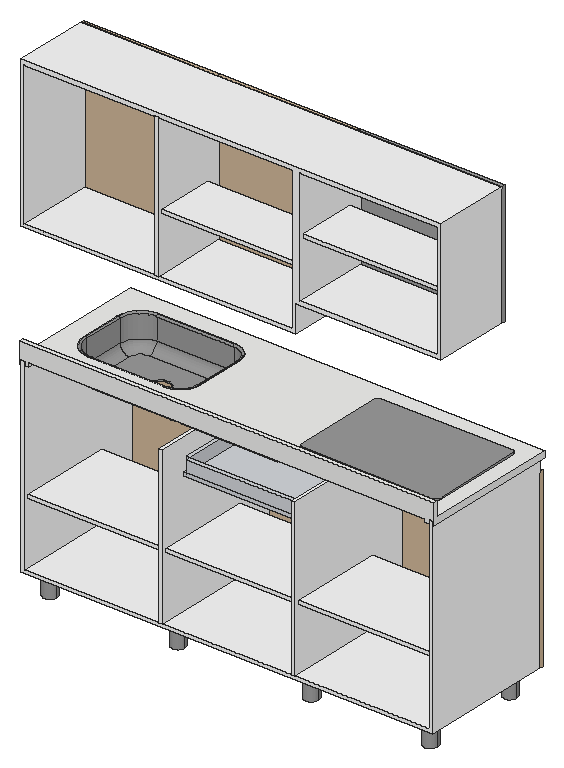
Revit family "O22411711_Cocina Soho Izquierda", category Generic Models, host Wall, Revit 2019 (continued)
Definition of nested family "Family6"
  Lines and regions (mm)
    detail lines, in view "Ref. Level"
      curve 3: line (307.5, 0, 0) -> (877.5, 0, 0)
      curve 4: line (877.5, 0, 0) -> (892.5, 0, 0)
      curve 5: line (892.5, 0, 0) -> (892.5, -345, 0)
      curve 6: line (892.5, -345, 0) -> (0, -345, 0)
      curve 7: line (-292.5, 0, 0) -> (-307.5, 0, 0)
      curve 8: line (-307.5, 0, 0) -> (-877.5, 0, 0)
      curve 9: line (-877.5, 0, 0) -> (-897.5, 0, 0)
      curve 10: line (-897.5, 0, 0) -> (-897.5, -345, 0)
      curve 11: line (-897.5, -345, 0) -> (0, -345, 0)
      curve 12: line (877.5, -15, 0) -> (-882.5, -15, 0)
      curve 13: line (-882.5, -330, 0) -> (877.5, -330, 0)
      curve 14: line (-882.5, -15, 0) -> (-882.5, -330, 0)
      curve 15: line (877.5, -330, 0) -> (877.5, -15, 0)
      curve 16: line (-307.5, -15, 0) -> (-307.5, -330, 0)
      curve 17: line (-292.5, -15, 0) -> (-292.5, -330, 0)
      curve 18: line (307.5, -15, 0) -> (307.5, -330, 0)
      curve 19: line (292.5, -15, 0) -> (292.5, -330, 0)
Definition of nested family "Family8"
  Reference planes
    plane 1 "Center (Front/Back)": y = 0
    plane 2: z = 0
    plane 3 "Center (Left/Right)": x = 0
  Lines and regions (mm)
    detail lines, in view "Ref. Level"
      curve 1: line (0, 0, 0) -> (-595, 0, 0)
      curve 2: line (-595, 0, 0) -> (-595, 825.5, 0)
      curve 3: line (-595, 825.5, 0) -> (0, 825.5, 0)
      curve 4: line (0, 825.5, 0) -> (0, 0, 0)
      curve 5: line (-580, 0, 0) -> (-580, 825.5, 0)
      curve 6: line (0, 15, 0) -> (-580, 15, 0)
      curve 7: line (0, 288, 0) -> (-400, 288, 0)
      curve 8: line (0, 303, 0) -> (-400, 303, 0)
      curve 9: line (-400, 303, 0) -> (-400, 288, 0)
      curve 10: line (-96.9, 552.8, 0) -> (-580, 552.8, 0)
      curve 11: line (-96.9, 567.8, 0) -> (-580, 567.8, 0)
      curve 12: line (-96.9, 622.8, 0) -> (-96.9, 552.8, 0)
      curve 13: line (-96.9, 622.8, 0) -> (-111.9, 622.8, 0)
      curve 14: line (-111.9, 622.8, 0) -> (-111.9, 567.8, 0)
      curve 15: line (-111.9, 622.8, 0) -> (-580, 622.8, 0)
      curve 16: line (-595, 765, 0) -> (0, 765, 0)
      curve 17: line (-595, 750, 0) -> (-580, 750, 0)
      curve 18: line (-48.6, 0, 0) -> (-48.6, -100.5, 0)
      curve 19: line (-541.4, 0, 0) -> (-541.4, -100.5, 0)
      curve 20: line (-481.4, 0, 0) -> (-481.4, -100.5, 0)
      curve 21: line (-108.6, 0, 0) -> (-108.6, -100.5, 0)
      curve 22: line (-541.4, -100.5, 0) -> (-481.4, -100.5, 0)
      curve 23: line (-108.6, -100.5, 0) -> (-48.6, -100.5, 0)
